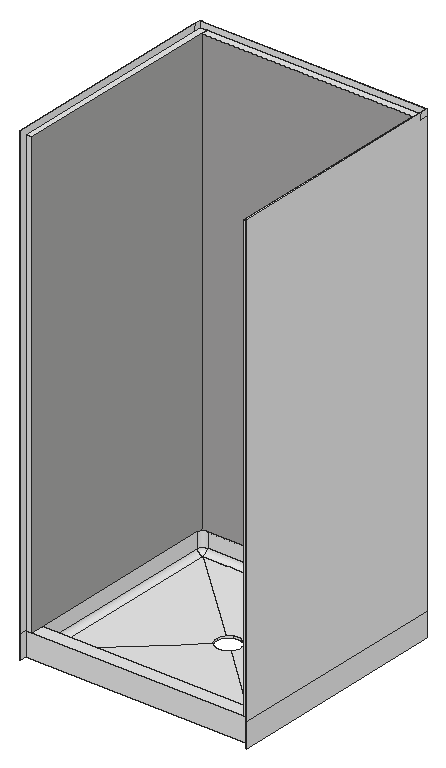
Revit family "4LBS3838FB.V2", category Plumbing Fixtures, Revit 2019
Family settings
  Round Connector Dimension = Use Diameter
  Part Type = Normal
  OmniClass Number = 23.45.05.14.17
  OmniClass Title = Showers
  Work Plane-Based = No
  Always vertical = Yes
  Cut with Voids When Loaded = No
  Shared = No
  Room Calculation Point = No
Parameters (values of type "4LRS4838FB.V2")
  Unit Width = 38 1/2"
  Unit Height = 80 1/2"
  Unit Depth = 38 1/4"
  URL = "http://www.bestbath.com/"
  Type Comments = "Remodeler"
  Model = "4LBS4838FB.V2"
  Material [instance] = Best Bath Gelcoat Fiberglass - 4 x 8 Subway Tile
  Manufacturer = "Best Bath Systems"
  Keynote = "22 40 00.B3"
  Description = "4 x 8 Subway Tile Finish, Curbed Shower"
  Assembly Code = "D2010710"
Reference planes (in)
  plane 1 "Back": y = -0.5
  plane 2: z = 0
  plane 3 "Left": x = 0
  plane 4: x = 38.5
  plane 5: y = -37.75
  plane 6: z = 79.5
  plane 7: z = 0.625
  plane 8: z = 80.5
  plane 9: x = 19.25
  plane 10: y = -1.75
  plane 11: y = -18.5
  plane 12: z = 0.25
  plane 13: z = 4
  plane 14: y = -38.75
Forms (in)
  Extrusion 1, solid, material "Best Bath Gelcoat Fiberglass - Smooth"
    sketch origin (0, 0, 0) x (1, 0, 0) y (0, 1, 0)
      loop
        line (0, -0.5) -> (0, -37.75) -> (38.5, -37.75) -> (38.5, -0.5) -> (0, -0.5)
      loop
        circle (19.25, -18.5) r 2.0625
    from 0 to 0.625
  Extrusion 2, solid, material "Best Bath Gelcoat Fiberglass - Smooth"
    sketch origin (0, 0, 0) x (1, 0, 0) y (0, 1, 0)
      loop
        line (1.25, -0.5) -> (1.25, -1.75) -> (37.25, -1.75) -> (37.25, -0.5) -> (1.25, -0.5)
    from 4 to 79.5
  Extrusion 3, solid, material "Best Bath Gelcoat Fiberglass - Smooth"
    sketch origin (0, 0, 0) x (1, 0, 0) y (0, 1, 0)
      loop
        line (0, -37.75) -> (1.25, -37.75) -> (1.25, -2.75)
        arc (1.25, -2.75) -> (1.54289, -2.04289) -> (2.25, -1.75) r 1
        line (2.25, -1.75) -> (36.25, -1.75)
        arc (36.25, -1.75) -> (36.95711, -2.04289) -> (37.25, -2.75) r 1
        line (37.25, -2.75) -> (37.25, -37.75) -> (38.5, -37.75) -> (38.5, -0.5) -> (0, -0.5) -> (0, -37.75)
    from 0 to 4
  Extrusion 4, solid, material "Best Bath Gelcoat Fiberglass - Smooth"
    sketch origin (0, 0, 0) x (1, 0, 0) y (0, 1, 0)
      loop
        line (0, -37.75) -> (1.25, -37.75) -> (1.25, -0.5) -> (0, -0.5) -> (0, -37.75)
      loop
        line (37.25, -37.75) -> (38.5, -37.75) -> (38.5, -0.5) -> (37.25, -0.5) -> (37.25, -37.75)
    from 4 to 79.5
  Sweep 5, solid, material "Best Bath Gelcoat Fiberglass - Smooth"
    path origin (0, 0, 0) x (1, 0, 0) y (0, 1, 0)
      loop
        line (1.25, -37.75) -> (1.25, -2.75)
        arc (1.25, -2.75) -> (1.54289, -2.04289) -> (2.25, -1.75) r 1
        line (2.25, -1.75) -> (36.25, -1.75)
        arc (36.25, -1.75) -> (36.95711, -2.04289) -> (37.25, -2.75) r 1
        line (37.25, -2.75) -> (37.25, -37.75)
    profile origin (1.25, -20.25, 0) x (-1, 0, 0) y (0, 0, 1)
      loop
        line (0, 0.625) -> (0, 1.525)
        arc (0, 1.525) -> (-0.2636, 0.8886) -> (-0.9, 0.625) r 0.9
        line (-0.9, 0.625) -> (0, 0.625)
  Blend 6, void
    base sketch origin (0, 0, 0) x (1, 0, 0) y (0, 1, 0)
      loop
        line (2.25, -34.75) -> (36.25, -34.75) -> (36.25, -2.75) -> (2.25, -2.75) -> (2.25, -34.75)
    top sketch origin (0, 0, 0) x (1, 0, 0) y (0, 1, 0)
      loop
        circle (19.25, -18.5) r 0.05278
    from 0.625 to 0.25
  Sweep 7, solid, material "Best Bath Gelcoat Fiberglass - Smooth"
    path origin (0, 0, 0) x (1, 0, 0) y (0, 1, 0)
      loop
        line (1.25, -37.75) -> (37.25, -37.75)
    profile origin (19.25, -37.75, 0) x (0, 1, 0) y (0, 0, 1)
      loop
        line (0, 0) -> (3.11628, 0) -> (2.37209, 4) -> (0, 4) -> (0, 0)
  Extrusion 8, solid, material "Best Bath Gelcoat Fiberglass - Smooth"
    sketch origin (0, 0, 0) x (1, 0, 0) y (0, 1, 0)
      loop
        line (0, -37.75) -> (0, -38.75) -> (0.125, -38.75) -> (0.125, -37.75) -> (0, -37.75)
      loop
        line (38.5, -37.75) -> (38.375, -37.75) -> (38.375, -38.75) -> (38.5, -38.75) -> (38.5, -37.75)
    from 0 to 4
  Extrusion 9, solid, material "Best Bath Gelcoat Fiberglass - Smooth"
    sketch origin (0, 0, 0) x (1, 0, 0) y (0, 1, 0)
      loop
        line (0, -0.5) -> (0, -1.75) -> (0.125, -1.75) -> (0.125, -0.625) -> (38.375, -0.625) -> (38.375, -1.75) -> (38.5, -1.75) -> (38.5, -0.5) -> (0, -0.5)
    from 79.5 to 80.5
  Extrusion 10, solid, material "Best Bath Gelcoat Fiberglass - Smooth"
    sketch origin (0, 0, 0) x (1, 0, 0) y (0, 1, 0)
      loop
        line (0, -38.75) -> (0.125, -38.75) -> (0.125, -1.75) -> (0, -1.75) -> (0, -38.75)
      loop
        line (38.5, -38.75) -> (38.5, -1.75) -> (38.375, -1.75) -> (38.375, -38.75) -> (38.5, -38.75)
    from 4 to 80.5
Cuts and joins
  Blend 6 cuts Extrusion 1
  Blend 6 cuts Extrusion 3
  Blend 6 cuts Sweep 5
  joined: Extrusion 1, Extrusion 3, Sweep 5, Sweep 7, Extrusion 8
  joined: Extrusion 2, Extrusion 9
  joined: Extrusion 4, Extrusion 10
Dimensions and locks (in)
  "Unit Width": plane 3 "Left" to plane 4
  locked: plane 7 to level at 0.625
  locked: plane 8 to plane 6 at 1
  "Unit Height": plane 8 to level
  equal spacing: plane 3 "Left", plane 9, plane 4
  locked: plane 1 "Back" to plane 11 at 18
  plane 10 to plane 1 "Back" = 1 1/4"
  locked: plane 7 to plane 12 at 0.375
  locked: plane 13 to level at 4
  locked: plane 5 to plane 14 at 1
  "Unit Depth": plane 14 to plane 1 "Back"
  aligned and locked: level to plane 2
  aligned and locked: plane 7 to Extrusion 1
  aligned and locked: plane 5 to Extrusion 1 sketch curve
  aligned and locked: plane 4 to Extrusion 1 sketch curve
  aligned and locked: Extrusion 2 sketch curve to Extrusion 1
  aligned and locked: Extrusion 2 sketch curve to plane 10
  aligned and locked: plane 11 to Extrusion 1 sketch curve
  aligned and locked: plane 9 to Extrusion 1 sketch curve
  aligned and locked: plane 13 to Extrusion 3
  aligned and locked: Extrusion 2 to plane 13
  aligned and locked: plane 6 to Extrusion 2
  aligned and locked: Extrusion 4 to Extrusion 2
  aligned and locked: plane 6 to Extrusion 4
  aligned and locked: Sweep 5 sketch curve to plane 7
  aligned and locked: plane 11 to Blend 6 sketch curve
  aligned and locked: plane 9 to Blend 6 sketch curve
  aligned and locked: Extrusion 1 to Blend 6
  aligned and locked: Blend 6 to plane 12
  aligned and locked: Extrusion 8 to Extrusion 2
  aligned and locked: Extrusion 9 to plane 6
  aligned and locked: plane 8 to Extrusion 9
  aligned and locked: Extrusion 10 to plane 13
  aligned and locked: plane 8 to Extrusion 10
  aligned and locked: plane 13 to Sweep 7 sketch curve
Automatic sketch dimensions
  Extrusion 1 sketch curve to plane 3 "Left" = 0"
  plane 1 "Back" to Extrusion 1 sketch curve = 0"
  plane 1 "Back" to Extrusion 3 sketch curve = 0"
  Extrusion 3 sketch curve to plane 3 "Left" = 0"
  Extrusion 3 sketch curve to plane 5 = 0"  (x2)
  Extrusion 3 sketch curve to plane 10 = 0"
  Extrusion 3 sketch curve to plane 4 = 0"
  plane 4 to Extrusion 3 sketch curve = 1 1/4"
  Extrusion 3 sketch curve to plane 10 = 1"
  plane 3 "Left" to Extrusion 3 sketch curve = 1 1/4"
  Extrusion 3 sketch curve to Extrusion 3 sketch curve = 1"
  Sweep 5 sketch curve to plane 10 = 0"
  plane 3 "Left" to Sweep 5 sketch curve = 1 1/4"
  Sweep 5 sketch curve to plane 10 = 1"  (x2)
  Sweep 5 sketch curve to plane 5 = 0"  (x2)
  plane 4 to Sweep 5 sketch curve = 2 1/4"
  Sweep 5 sketch curve to profile plane = 0"
  profile plane to Sweep 5 sketch curve = 0.9"
  Sweep 7 sketch curve to plane 5 = 0"
  plane 3 "Left" to Sweep 7 sketch curve = 1 1/4"
  plane 4 to Sweep 7 sketch curve = 1 1/4"
  Blend 6 sketch curve to plane 10 = 1"
  plane 3 "Left" to Blend 6 sketch curve = 2 1/4"
  plane 5 to Blend 6 sketch curve = 3"
  plane 4 to Blend 6 sketch curve = 2 1/4"
  Extrusion 8 sketch curve to plane 3 "Left" = 0"
  Extrusion 8 sketch curve to plane 14 = 0"  (x2)
  Extrusion 8 sketch curve to plane 5 = 0"  (x2)
  Extrusion 8 sketch curve to plane 4 = 0"
  plane 3 "Left" to Extrusion 8 sketch curve = 1/8"
  plane 4 to Extrusion 8 sketch curve = 1/8"
  plane 1 "Back" to Extrusion 4 sketch curve = 0"  (x2)
  Extrusion 4 sketch curve to plane 3 "Left" = 0"
  Extrusion 4 sketch curve to plane 5 = 0"  (x2)
  Extrusion 4 sketch curve to plane 4 = 0"
  plane 3 "Left" to Extrusion 4 sketch curve = 1 1/4"
  plane 4 to Extrusion 4 sketch curve = 1 1/4"
  plane 3 "Left" to Extrusion 2 sketch curve = 1 1/4"
  plane 4 to Extrusion 2 sketch curve = 1 1/4"
  Extrusion 10 sketch curve to plane 3 "Left" = 0"
  Extrusion 10 sketch curve to plane 14 = 0"  (x2)
  Extrusion 10 sketch curve to plane 10 = 0"  (x2)
  Extrusion 10 sketch curve to plane 4 = 0"
  plane 3 "Left" to Extrusion 10 sketch curve = 1/8"
  plane 4 to Extrusion 10 sketch curve = 1/8"
  plane 1 "Back" to Extrusion 9 sketch curve = 0"
  Extrusion 9 sketch curve to plane 3 "Left" = 0"
  Extrusion 9 sketch curve to plane 10 = 0"  (x2)
  Extrusion 9 sketch curve to plane 4 = 0"
  plane 3 "Left" to Extrusion 9 sketch curve = 1/8"
  Extrusion 9 sketch curve to Extrusion 9 sketch curve = 1/8"
  plane 1 "Back" to Extrusion 9 sketch curve = 1/8"
  Sweep 7 sketch curve to profile plane = 0"
  Sweep 7 sketch curve to level = 0"
  Sweep 7 sketch curve to profile plane = 2.37209"
  Sweep 7 sketch curve to profile plane = 3.11628"
  radius of Extrusion 1 sketch curve = 2 1/16"
  radius of Blend 6 sketch curve = 0.05278"
